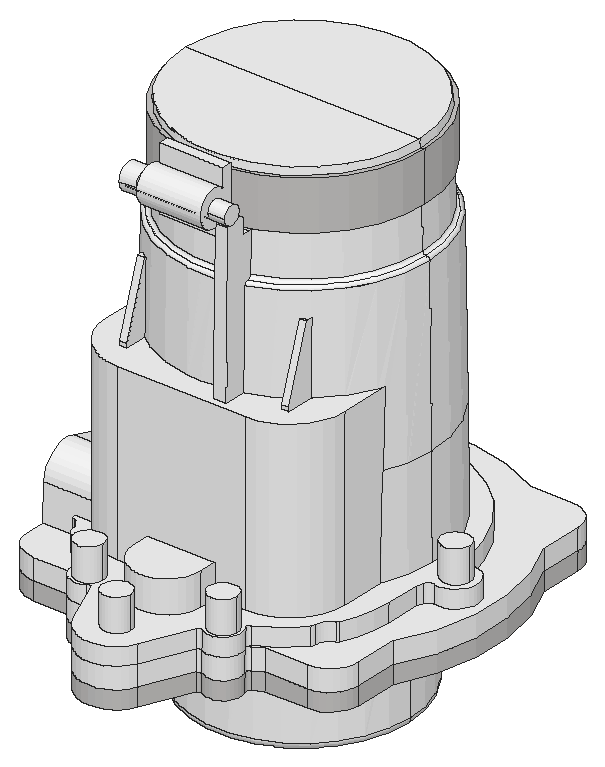
Revit family "Common_Vent-Navien-Collar_Kit-02", category Mechanical Equipment, Revit 2016
Family settings
  Part Type = Normal
  Round Connector Dimension = Use Diameter
  OmniClass Number = 23.75.70.11.14.14
  OmniClass Title = Dampers for Air Ductwork
  Work Plane-Based = Yes
  Always vertical = Yes
  Cut with Voids When Loaded = No
  Shared = No
  Room Calculation Point = No
Parameters (values of type "Common Vent Collar Kit - 3001436A")
  Width = 0' - 4 77/256"  # constant formula
  Weight = 0.00 lbf
  Version = "2016 - v1.0.a"  # constant formula
  URL = "https://www.navieninc.com"
  Product Page URL = "https://www.navieninc.com/accessories/all"
  Product Name = "Common Vent Collar Kit"  # constant formula
  Product Documentation Link = "Contact Navien for Product Documentation"
  Outlet = 0' - 2"  # constant formula
  Model = "3001436A"  # constant formula
  Material = ""
  Manufacturer Phone Number = "(949) 420-0420"  # constant formula
  Manufacturer Fax Number = "(949) 420-0430"  # constant formula
  Manufacturer Address = "20 Goodyear, Irvine, CA 92618"  # constant formula
  Manufacturer = "Navien, Inc."  # constant formula
  Keynote = ""
  Installation Type = "Duct Fitting"  # constant formula
  Inlet = 0' - 2"  # constant formula
  Height = 0' - 5 115/128"  # constant formula
  Finish = Plastic - Navien - White
  Description = "The Navien backflow damper prevents backflow (back-draft) at the\r\nexhaust vent while the water heater or boiler unit operates."  # constant formula
  Depth = 0' - 4 77/256"  # constant formula
  Default Elevation = 4' - 0"
  Copyright = "All contents copyright © Navien Inc."  # constant formula
  Constraints = 6
  Assembly Code = ""
Reference planes (in)
  plane 1 "Center (Front/Back)": y = 0
  plane 2: z = 0
  plane 3 "Center (Left/Right)": x = 0
  plane 4: z = 0
Forms (in)
  Revolve 1, solid, material "Plastic - Navien - White" <- "Finish", detail levels medium+fine
    sketch origin (0, 0, 0) x (1, 0, 0) y (0, 0, 1)
      loop
        line (0, 4.80315) -> (0, -1.10236) -> (1.12531, -1.10236)
        arc (1.12531, -1.10236) -> (1.17906, -1.08032) -> (1.20186, -1.0269) r 0.07656
        line (1.20186, -1.0269) -> (1.21653, 0) -> (1.45733, 0) -> (1.4413, 1.73234) -> (1.41495, 3.61966)
        arc (1.41495, 3.61966) -> (1.40442, 3.64591) -> (1.37901, 3.65833) r 0.03937
        arc (1.37901, 3.65833) -> (1.35038, 3.66928) -> (1.33796, 3.69731) r 0.03991
        line (1.33796, 3.69731) -> (1.32712, 4.17323) -> (1.36614, 4.17323) -> (1.36614, 4.7244) -> (1.3175, 4.7244) -> (1.30922, 4.80315) -> (0, 4.80315)
      axis (0, 4.80315) -> (0, -1.10236)
    angle from 0 to 360
  Extrusion 2, solid, material "Plastic - Navien - White" <- "Finish", detail levels medium+fine
    sketch origin (0, 0, 0) x (1, 0, 0) y (0, 1, 0)
      loop
        arc (1.72438, -0.31018) -> (2.00872, -0.08928) -> (1.74509, 0.15598) r 0.23637
        arc (1.74509, 0.15598) -> (1.68783, 0.17204) -> (1.65839, 0.22372) r 0.07824
        arc (1.65839, 0.22372) -> (1.20984, 1.1557) -> (0.29932, 1.64624) r 1.67364
        arc (0.29932, 1.64624) -> (0.25321, 1.67358) -> (0.23609, 1.72438) r 0.07707
        arc (0.23609, 1.72438) -> (0.16957, 1.8963) -> (0, 1.96858) r 0.23705
        arc (0, 1.96858) -> (-0.16957, 1.8963) -> (-0.23609, 1.72438) r 0.23705
        arc (-0.23609, 1.72438) -> (-0.25321, 1.67358) -> (-0.29932, 1.64624) r 0.07707
        arc (-0.29932, 1.64624) -> (-1.20984, 1.1557) -> (-1.65821, 0.2237) r 1.67364
        arc (-1.65821, 0.2237) -> (-1.68783, 0.17204) -> (-1.74509, 0.15598) r 0.07824
        arc (-1.74509, 0.15598) -> (-2.00872, -0.08928) -> (-1.72438, -0.31018) r 0.23637
        arc (-1.72438, -0.31018) -> (-1.66599, -0.32113) -> (-1.63224, -0.37001) r 0.078
        line (-1.63224, -0.37001) -> (-1.61417, -0.44061) -> (-1.61417, -0.81033)
        arc (-1.61417, -0.81033) -> (-1.58229, -1.08631) -> (-1.48538, -1.34667) r 1.15407
        arc (-1.48538, -1.34667) -> (-1.47581, -1.35924) -> (-1.46253, -1.36779) r 0.04566
        arc (-1.46253, -1.36779) -> (-1.38485, -1.43182) -> (-1.35513, -1.528) r 0.1755
        arc (-1.35513, -1.528) -> (-1.3516, -1.54759) -> (-1.34175, -1.5649) r 0.05901
        arc (-1.34175, -1.5649) -> (-1.15322, -1.74753) -> (-0.92817, -1.88264) r 1.14963
        arc (-0.92817, -1.88264) -> (-0.90725, -1.90689) -> (-0.91215, -1.93855) r 0.03819
        arc (-0.91215, -1.93855) -> (-0.88762, -2.18634) -> (-0.63991, -2.21174) r 0.1968
        arc (-0.63991, -2.21174) -> (-0.60759, -2.20705) -> (-0.58333, -2.22889) r 0.03845
        line (-0.58333, -2.22889) -> (-0.36304, -2.75075)
        arc (-0.36304, -2.75075) -> (-0.00044, -2.99214) -> (0.3627, -2.75155) r 0.39369
        line (0.3627, -2.75155) -> (0.58333, -2.22889)
        arc (0.58333, -2.22889) -> (0.60759, -2.20705) -> (0.63991, -2.21174) r 0.03845
        arc (0.63991, -2.21174) -> (0.88762, -2.18634) -> (0.91215, -1.93855) r 0.1968
        arc (0.91215, -1.93855) -> (0.90725, -1.90689) -> (0.92817, -1.88264) r 0.03819
        arc (0.92817, -1.88264) -> (1.15322, -1.74753) -> (1.34175, -1.5649) r 1.14963
        arc (1.34175, -1.5649) -> (1.3516, -1.54759) -> (1.35513, -1.528) r 0.05901
        arc (1.35513, -1.528) -> (1.38485, -1.43182) -> (1.46253, -1.36779) r 0.1755
        arc (1.46253, -1.36779) -> (1.47581, -1.35924) -> (1.48538, -1.34667) r 0.04566
        arc (1.48538, -1.34667) -> (1.58229, -1.08631) -> (1.61417, -0.81033) r 1.15407
        line (1.61417, -0.81033) -> (1.61417, -0.44061) -> (1.63224, -0.37001)
        arc (1.63224, -0.37001) -> (1.66599, -0.32113) -> (1.72438, -0.31018) r 0.078
    from 0.43307 to 0.62992
  Extrusion 3, solid, material "Plastic - Navien - White" <- "Finish", detail levels medium+fine
    sketch origin (0, 19.32383, 0) x (0, 1, 0) y (-1, 0, 0)
      loop
        line (-17.47774, 1.05439) -> (-17.47774, 1.53202)
        arc (-17.47774, 1.53202) -> (-17.56973, 1.75411) -> (-17.79181, 1.8461) r 0.31408
        line (-17.79181, 1.8461) -> (-18.26944, 1.8461)
        arc (-18.26944, 1.8461) -> (-19.32383, 2.12552) -> (-20.37822, 1.8461) r 2.12903
        line (-20.37822, 1.8461) -> (-20.85585, 1.8461)
        arc (-20.85585, 1.8461) -> (-21.07794, 1.75411) -> (-21.16993, 1.53202) r 0.31408
        line (-21.16993, 1.53202) -> (-21.16993, 1.05439)
        arc (-21.16993, 1.05439) -> (-21.20108, 0.99778) -> (-21.2304, 0.94041) r 2.12903
        arc (-21.2304, 0.94041) -> (-21.25246, 0.92119) -> (-21.28164, 0.92342) r 0.03788
        arc (-21.28164, 0.92342) -> (-21.51807, 0.87927) -> (-21.53521, 0.63936) r 0.1968
        arc (-21.53521, 0.63936) -> (-21.53051, 0.60755) -> (-21.552, 0.58363) r 0.0378
        line (-21.552, 0.58363) -> (-22.07643, 0.36226)
        arc (-22.07643, 0.36226) -> (-22.31673, 0) -> (-22.07643, -0.36226) r 0.39321
        line (-22.07643, -0.36226) -> (-21.552, -0.58363)
        arc (-21.552, -0.58363) -> (-21.53051, -0.60755) -> (-21.53521, -0.63936) r 0.0378
        arc (-21.53521, -0.63936) -> (-21.51807, -0.87927) -> (-21.28164, -0.92342) r 0.1968
        arc (-21.28164, -0.92342) -> (-21.25246, -0.92119) -> (-21.2304, -0.94041) r 0.03788
        arc (-21.2304, -0.94041) -> (-21.20103, -0.99786) -> (-21.16993, -1.05439) r 2.12903
        line (-21.16993, -1.05439) -> (-21.16993, -1.53202)
        arc (-21.16993, -1.53202) -> (-21.07794, -1.75411) -> (-20.85585, -1.8461) r 0.31408
        line (-20.85585, -1.8461) -> (-20.37822, -1.8461)
        arc (-20.37822, -1.8461) -> (-19.32383, -2.12552) -> (-18.26945, -1.8461) r 2.12903
        line (-18.26945, -1.8461) -> (-17.79181, -1.8461)
        arc (-17.79181, -1.8461) -> (-17.56973, -1.75411) -> (-17.47774, -1.53202) r 0.31408
        line (-17.47774, -1.53202) -> (-17.47774, -1.05439)
        arc (-17.47774, -1.05439) -> (-17.19831, 0) -> (-17.47774, 1.05439) r 2.12903
    from 0.19685 to 0.43307
  Extrusion 4, solid, material "Plastic - Navien - White" <- "Finish", detail levels medium+fine
    sketch origin (0, 0, 0) x (1, 0, 0) y (0, 1, 0)
      loop
        line (-1.33215, 0) -> (-1.33215, -1.07302)
        arc (-1.33215, -1.07302) -> (-1.1509, -1.51058) -> (-0.71334, -1.69183) r 0.61881
        line (-0.71334, -1.69183) -> (0.71334, -1.69183)
        arc (0.71334, -1.69183) -> (1.1509, -1.51058) -> (1.33215, -1.07302) r 0.61881
        line (1.33215, -1.07302) -> (1.33215, 0) -> (-1.33215, 0)
    from 0 to 2.55905
  Extrusion 5, solid, material "Plastic - Navien - White" <- "Finish", detail levels fine
    sketch origin (0, 0, 0) x (1, 0, 0) y (0, 1, 0)
      loop
        arc (-0.37402, -1.88977) -> (0, -2.26378) -> (0.37402, -1.88977) r 0.37402
        line (0.37402, -1.88977) -> (0.37402, 0) -> (-0.37402, 0) -> (-0.37402, -1.88977)
      loop
        circle (0, -2.59824) r 0.15363
      loop
        circle (0.74803, -2.04973) r 0.15363
      loop
        circle (-0.74803, -2.04973) r 0.15363
      loop
        circle (1.77139, -0.07891) r 0.15363
      loop
        circle (-1.77139, -0.07891) r 0.15363
      loop
        circle (0, 1.73177) r 0.15363
    from 0 to 0.98425
  Extrusion 6, solid, material "Metal - Navien - Carbon Steel", detail levels medium+fine
    sketch origin (0, 19.32383, 0) x (0, 1, 0) y (-1, 0, 0)
      loop
        line (-17.47774, 1.05439) -> (-17.47774, 1.53202)
        arc (-17.47774, 1.53202) -> (-17.56973, 1.75411) -> (-17.79181, 1.8461) r 0.31408
        line (-17.79181, 1.8461) -> (-18.26944, 1.8461)
        arc (-18.26944, 1.8461) -> (-19.32383, 2.12552) -> (-20.37822, 1.8461) r 2.12903
        line (-20.37822, 1.8461) -> (-20.85585, 1.8461)
        arc (-20.85585, 1.8461) -> (-21.07794, 1.75411) -> (-21.16993, 1.53202) r 0.31408
        line (-21.16993, 1.53202) -> (-21.16993, 1.05439)
        arc (-21.16993, 1.05439) -> (-21.20108, 0.99778) -> (-21.2304, 0.94041) r 2.12903
        arc (-21.2304, 0.94041) -> (-21.25246, 0.92119) -> (-21.28164, 0.92342) r 0.03788
        arc (-21.28164, 0.92342) -> (-21.51807, 0.87927) -> (-21.53521, 0.63936) r 0.1968
        arc (-21.53521, 0.63936) -> (-21.53051, 0.60755) -> (-21.552, 0.58363) r 0.0378
        line (-21.552, 0.58363) -> (-22.07643, 0.36226)
        arc (-22.07643, 0.36226) -> (-22.31673, 0) -> (-22.07643, -0.36226) r 0.39321
        line (-22.07643, -0.36226) -> (-21.552, -0.58363)
        arc (-21.552, -0.58363) -> (-21.53051, -0.60755) -> (-21.53521, -0.63936) r 0.0378
        arc (-21.53521, -0.63936) -> (-21.51807, -0.87927) -> (-21.28164, -0.92342) r 0.1968
        arc (-21.28164, -0.92342) -> (-21.25246, -0.92119) -> (-21.2304, -0.94041) r 0.03788
        arc (-21.2304, -0.94041) -> (-21.20103, -0.99786) -> (-21.16993, -1.05439) r 2.12903
        line (-21.16993, -1.05439) -> (-21.16993, -1.53202)
        arc (-21.16993, -1.53202) -> (-21.07794, -1.75411) -> (-20.85585, -1.8461) r 0.31408
        line (-20.85585, -1.8461) -> (-20.37822, -1.8461)
        arc (-20.37822, -1.8461) -> (-19.32383, -2.12552) -> (-18.26945, -1.8461) r 2.12903
        line (-18.26945, -1.8461) -> (-17.79181, -1.8461)
        arc (-17.79181, -1.8461) -> (-17.56973, -1.75411) -> (-17.47774, -1.53202) r 0.31408
        line (-17.47774, -1.53202) -> (-17.47774, -1.05439)
        arc (-17.47774, -1.05439) -> (-17.19831, 0) -> (-17.47774, 1.05439) r 2.12903
    from 0 to 0.19685
  Extrusion 7, solid, material "Plastic - Navien - White" <- "Finish", detail levels medium+fine
    sketch origin (0, 0, 0) x (0, 1, 0) y (0, 0, 1)
      loop
        line (-1.46748, 4.80315) -> (-1.46748, 4.6063)
        arc (-1.46748, 4.6063) -> (-1.78458, 4.44855) -> (-1.46748, 4.2908) r 0.19778
        line (-1.46748, 4.2908) -> (-1.46748, 4.09395) -> (-1.35541, 4.09395) -> (-1.35541, 4.80315) -> (-1.46748, 4.80315)
    from -0.42564 to 0.28416
  Extrusion 8, solid, material "Plastic - Navien - White" <- "Finish", detail levels fine
    sketch origin (0, 0, 0) x (0, 1, 0) y (0, 0, 1)
      loop
        circle (-1.59024, 4.44848) r 0.09917
    from -0.66399 to 0.47699
  Extrusion 9, solid, material "Plastic - Navien - White" <- "Finish", detail levels fine
    sketch origin (0, 0, 0) x (0, 1, 0) y (0, 0, 1)
      loop
        circle (-1.59024, 4.44848) r 0.14148
    from -0.66399 to -0.47359
  Extrusion 10, solid, material "Plastic - Navien - White" <- "Finish", detail levels fine
    sketch origin (0, 0, 0) x (0, 1, 0) y (0, 0, 1)
      loop
        line (-1.6122, 2.18811) -> (-1.08314, 2.18811) -> (-1.08314, 4.13386) -> (-1.36687, 4.13386) -> (-1.36762, 4.29183)
        arc (-1.36762, 4.29183) -> (-1.37913, 4.31933) -> (-1.40669, 4.33071) r 0.03906
        line (-1.40669, 4.33071) -> (-1.53712, 4.33071)
        arc (-1.53712, 4.33071) -> (-1.564, 4.31971) -> (-1.57546, 4.29303) r 0.03835
        line (-1.57546, 4.29303) -> (-1.6122, 2.18811)
    from 0.28416 to 0.42462
  Extrusion 11, solid, material "Plastic - Navien - White" <- "Finish", detail levels fine
    sketch origin (0, 0, 0) x (0, 1, 0) y (0, 0, 1)
      loop
        line (-0.89377, 3.34646) -> (-1.12205, 3.34646) -> (-1.37795, 2.59843) -> (-1.37795, 2.36606) -> (-0.89377, 2.36606) -> (-0.89377, 3.34646)
    from 0.8675 to 0.94419
  Extrusion 12, solid, material "Plastic - Navien - White" <- "Finish", detail levels fine
    sketch origin (0, 0, 0) x (0, 1, 0) y (0, 0, -1)
      loop
        line (-0.89377, -3.34646) -> (-0.89377, -2.36606) -> (-1.37795, -2.36606) -> (-1.37795, -2.59843) -> (-1.12205, -3.34646) -> (-0.89377, -3.34646)
    from 0.8675 to 0.94419
  Extrusion 13, solid, material "Plastic - Navien - White" <- "Finish", detail levels medium+fine
    sketch origin (0, 0, 0) x (0, 1, 0) y (0, 0, 1)
      loop
        arc (-0.88987, 1.12723) -> (-1.166, 1.08368) -> (-1.29865, 0.83762) r 0.31485
        line (-1.29865, 0.83762) -> (-1.3126, 0.43307) -> (-1.23447, 0.43307) -> (-1.23072, 0.54171)
        arc (-1.23072, 0.54171) -> (-1.20887, 0.5754) -> (-1.16887, 0.57192) r 0.03898
        arc (-1.16887, 0.57192) -> (-1.03478, 0.51604) -> (-0.88987, 0.52632) r 0.31485
        line (-0.88987, 0.52632) -> (-0.50558, 0.6467) -> (-0.49812, 0.43307) -> (-0.1762, 0.43307) -> (-0.1762, 0.62992) -> (-0.4262, 0.62992) -> (-0.42915, 0.71425)
        arc (-0.42915, 0.71425) -> (-0.40466, 0.89088) -> (-0.53244, 1.01526) r 0.19752
        line (-0.53244, 1.01526) -> (-0.88987, 1.12723)
    from -1.85039 to 0
  Revolve 14, solid, material "Plastic - Navien - White" <- "Finish", detail levels coarse
    sketch origin (0, 0, 0) x (1, 0, 0) y (0, 0, 1)
      loop
        line (0, 4.80315) -> (0, -1.10236) -> (1.20079, -1.10236) -> (1.21653, 0) -> (1.45733, 0) -> (1.4413, 1.73234) -> (1.39842, 4.80315) -> (0, 4.80315)
      axis (0, 4.80315) -> (0, -1.10236)
    angle from 0 to 360
  Extrusion 15, solid, material "Plastic - Navien - White" <- "Finish", detail levels coarse
    sketch origin (0, 19.32383, 0) x (0, 1, 0) y (-1, 0, 0)
      loop
        line (-17.47774, 1.05439) -> (-17.47774, 1.53202)
        arc (-17.47774, 1.53202) -> (-17.56973, 1.75411) -> (-17.79181, 1.8461) r 0.31408
        line (-17.79181, 1.8461) -> (-18.26944, 1.8461)
        arc (-18.26944, 1.8461) -> (-19.32383, 2.12552) -> (-20.37822, 1.8461) r 2.12903
        line (-20.37822, 1.8461) -> (-20.85585, 1.8461)
        arc (-20.85585, 1.8461) -> (-21.07794, 1.75411) -> (-21.16993, 1.53202) r 0.31408
        line (-21.16993, 1.53202) -> (-21.16993, 1.05439)
        arc (-21.16993, 1.05439) -> (-21.20108, 0.99778) -> (-21.2304, 0.94041) r 2.12903
        arc (-21.2304, 0.94041) -> (-21.25246, 0.92119) -> (-21.28164, 0.92342) r 0.03788
        arc (-21.28164, 0.92342) -> (-21.51807, 0.87927) -> (-21.53521, 0.63936) r 0.1968
        arc (-21.53521, 0.63936) -> (-21.53051, 0.60755) -> (-21.552, 0.58363) r 0.0378
        line (-21.552, 0.58363) -> (-22.07643, 0.36226)
        arc (-22.07643, 0.36226) -> (-22.31673, 0) -> (-22.07643, -0.36226) r 0.39321
        line (-22.07643, -0.36226) -> (-21.552, -0.58363)
        arc (-21.552, -0.58363) -> (-21.53051, -0.60755) -> (-21.53521, -0.63936) r 0.0378
        arc (-21.53521, -0.63936) -> (-21.51807, -0.87927) -> (-21.28164, -0.92342) r 0.1968
        arc (-21.28164, -0.92342) -> (-21.25246, -0.92119) -> (-21.2304, -0.94041) r 0.03788
        arc (-21.2304, -0.94041) -> (-21.20103, -0.99786) -> (-21.16993, -1.05439) r 2.12903
        line (-21.16993, -1.05439) -> (-21.16993, -1.53202)
        arc (-21.16993, -1.53202) -> (-21.07794, -1.75411) -> (-20.85585, -1.8461) r 0.31408
        line (-20.85585, -1.8461) -> (-20.37822, -1.8461)
        arc (-20.37822, -1.8461) -> (-19.32383, -2.12552) -> (-18.26945, -1.8461) r 2.12903
        line (-18.26945, -1.8461) -> (-17.79181, -1.8461)
        arc (-17.79181, -1.8461) -> (-17.56973, -1.75411) -> (-17.47774, -1.53202) r 0.31408
        line (-17.47774, -1.53202) -> (-17.47774, -1.05439)
        arc (-17.47774, -1.05439) -> (-17.19831, 0) -> (-17.47774, 1.05439) r 2.12903
    from 0 to 0.62992
Cuts and joins
  joined: Revolve 1, Extrusion 4
  joined: Extrusion 2, Extrusion 13
Lines and regions (in)
  Split face 1
    outline origin (0, 0, 4.80315) x (1, 0, 0) y (0, 1, 0)
      loop
        arc (1.12015, 0) -> (0, 1.12015) -> (-1.12015, 0) r 1.12015
  Split face 2
    outline origin (0, 0, 4.80315) x (1, 0, 0) y (0, 1, 0)
      loop
        arc (-1.12015, 0) -> (0, -1.12015) -> (1.12015, 0) r 1.12015
Dimensions and locks (in)
  locked: Revolve 1 sketch curve to plane 3 "Center (Left/Right)" at 1.30922  (x4)
  locked: Revolve 1 sketch curve to plane 3 "Center (Left/Right)" at 1.3175  (x4)
  locked: Revolve 1 sketch curve to plane 3 "Center (Left/Right)" at 1.36614  (x10)
  locked: Revolve 1 sketch curve to plane 3 "Center (Left/Right)" at 1.32712  (x4)
  locked: Revolve 1 sketch curve to plane 3 "Center (Left/Right)" at 1.33796  (x4)
  locked: Revolve 1 sketch curve to plane 3 "Center (Left/Right)" at 1.37901  (x4)
  locked: Revolve 1 sketch curve to plane 3 "Center (Left/Right)" at 1.41495  (x4)
  locked: Revolve 1 sketch curve to plane 3 "Center (Left/Right)" at 1.4413  (x4)
  locked: Revolve 1 sketch curve to plane 3 "Center (Left/Right)" at 1.45733  (x4)
  locked: Revolve 1 sketch curve to plane 3 "Center (Left/Right)" at 1.21653  (x4)
  locked: Revolve 1 sketch curve to plane 3 "Center (Left/Right)" at 1.20186  (x4)
  locked: Revolve 1 sketch curve to plane 3 "Center (Left/Right)" at 1.12531  (x4)
  locked: Revolve 1 sketch curve to plane 3 "Center (Left/Right)" at 1.33795
  locked: Revolve 1 sketch curve to plane 3 "Center (Left/Right)" at 1.33621
  locked: Revolve 1 sketch curve to plane 3 "Center (Left/Right)" at 1.04876
  locked: Revolve 1 sketch curve to level at 4.80315  (x10)
  locked: Revolve 1 sketch curve to level at 4.7244  (x10)
  locked: Revolve 1 sketch curve to level at 4.17323  (x10)
  locked: Revolve 1 sketch curve to level at 3.69731  (x4)
  locked: Revolve 1 sketch curve to level at 3.65833  (x4)
  locked: Revolve 1 sketch curve to level at 3.65832
  locked: Revolve 1 sketch curve to level at 3.61966  (x4)
  locked: Revolve 1 sketch curve to level at 3.57974
  locked: Revolve 1 sketch curve to level at 1.73234  (x4)
  locked: Revolve 1 sketch curve to level at 1.0269  (x4)
  locked: Revolve 1 sketch curve to level at 1.10236  (x10)
  locked: Revolve 1 sketch curve to level at 0.94924
  locked: Revolve 1 sketch curve to level at 5.93307  (x2)
  locked: Revolve 1 sketch curve to level at 9.81693  (x2)
  locked: Extrusion 2 sketch curve to plane 3 "Center (Left/Right)" at 1.74509  (x8)
  locked: Extrusion 2 sketch curve to plane 3 "Center (Left/Right)" at 1.65839  (x4)
  locked: Extrusion 2 sketch curve to plane 3 "Center (Left/Right)" at 1.65776  (x2)
  locked: Extrusion 2 sketch curve to plane 3 "Center (Left/Right)" at 1.65821  (x4)
  locked: Extrusion 2 sketch curve to plane 3 "Center (Left/Right)" at 0.29932  (x8)
  locked: plane 3 "Center (Left/Right)" to Extrusion 2 sketch curve at 1.67327  (x2)
  locked: Extrusion 2 sketch curve to plane 3 "Center (Left/Right)" at 0.23609  (x8)
  locked: Extrusion 2 sketch curve to plane 3 "Center (Left/Right)" at 0.23606  (x2)
  locked: plane 3 "Center (Left/Right)" to Extrusion 2 sketch curve at 0.2362  (x2)
  locked: Extrusion 2 sketch curve to plane 3 "Center (Left/Right)" at 1.72438  (x8)
  locked: Extrusion 2 sketch curve to plane 3 "Center (Left/Right)" at 1.53621  (x2)
  locked: Extrusion 2 sketch curve to plane 3 "Center (Left/Right)" at 1.63224  (x8)
  locked: Extrusion 2 sketch curve to plane 3 "Center (Left/Right)" at 1.63047  (x2)
  locked: Extrusion 2 sketch curve to plane 3 "Center (Left/Right)" at 1.61417  (x20)
  locked: Extrusion 2 sketch curve to plane 3 "Center (Left/Right)" at 1.48538  (x8)
  locked: plane 3 "Center (Left/Right)" to Extrusion 2 sketch curve at 0.69395  (x2)
  locked: Extrusion 2 sketch curve to plane 3 "Center (Left/Right)" at 1.46253  (x8)
  locked: Extrusion 2 sketch curve to plane 3 "Center (Left/Right)" at 1.39915  (x2)
  locked: Extrusion 2 sketch curve to plane 3 "Center (Left/Right)" at 1.35513  (x10)
  locked: Extrusion 2 sketch curve to plane 3 "Center (Left/Right)" at 1.34175  (x8)
  locked: Extrusion 2 sketch curve to plane 3 "Center (Left/Right)" at 1.23712  (x2)
  locked: Extrusion 2 sketch curve to plane 3 "Center (Left/Right)" at 0.92817  (x8)
  locked: plane 3 "Center (Left/Right)" to Extrusion 2 sketch curve at 0.6968  (x2)
  locked: Extrusion 2 sketch curve to plane 3 "Center (Left/Right)" at 0.91215  (x8)
  locked: Extrusion 2 sketch curve to plane 3 "Center (Left/Right)" at 0.90577  (x2)
  locked: Extrusion 2 sketch curve to plane 3 "Center (Left/Right)" at 0.63991  (x8)
  locked: Extrusion 2 sketch curve to plane 3 "Center (Left/Right)" at 0.55142  (x2)
  locked: Extrusion 2 sketch curve to plane 3 "Center (Left/Right)" at 0.58333  (x8)
  locked: Extrusion 2 sketch curve to plane 3 "Center (Left/Right)" at 0.5803  (x2)
  locked: Extrusion 2 sketch curve to plane 3 "Center (Left/Right)" at 0.36304  (x4)
  locked: Extrusion 2 sketch curve to plane 3 "Center (Left/Right)" at 0.3627  (x4)
  locked: plane 3 "Center (Left/Right)" to Extrusion 2 sketch curve at 0.39369
  locked: Extrusion 2 sketch curve to plane 1 "Center (Front/Back)" at 0.15598  (x8)
  locked: Extrusion 2 sketch curve to plane 1 "Center (Front/Back)" at 0.22372  (x4)
  locked: Extrusion 2 sketch curve to plane 1 "Center (Front/Back)" at 0.15545  (x2)
  locked: Extrusion 2 sketch curve to plane 1 "Center (Front/Back)" at 0.2237  (x4)
  locked: Extrusion 2 sketch curve to plane 1 "Center (Front/Back)" at 1.64624  (x8)
  locked: Extrusion 2 sketch curve to plane 1 "Center (Front/Back)" at 1.72438  (x8)
  locked: Extrusion 2 sketch curve to plane 1 "Center (Front/Back)" at 1.64499  (x2)
  locked: Extrusion 2 sketch curve to plane 1 "Center (Front/Back)" at 1.96858  (x4)
  locked: Extrusion 2 sketch curve to plane 1 "Center (Front/Back)" at 1.49448  (x2)
  locked: Extrusion 2 sketch curve to plane 1 "Center (Front/Back)" at 0.31018  (x8)
  locked: plane 1 "Center (Front/Back)" to Extrusion 2 sketch curve at 0.15759  (x2)
  locked: Extrusion 2 sketch curve to plane 1 "Center (Front/Back)" at 0.37001  (x8)
  locked: Extrusion 2 sketch curve to plane 1 "Center (Front/Back)" at 0.30854  (x2)
  locked: Extrusion 2 sketch curve to plane 1 "Center (Front/Back)" at 0.44061  (x8)
  locked: Extrusion 2 sketch curve to plane 1 "Center (Front/Back)" at 0.81033  (x8)
  locked: Extrusion 2 sketch curve to plane 1 "Center (Front/Back)" at 1.34667  (x8)
  locked: plane 1 "Center (Front/Back)" to Extrusion 2 sketch curve at 0.33723  (x2)
  locked: Extrusion 2 sketch curve to plane 1 "Center (Front/Back)" at 1.36779  (x8)
  locked: Extrusion 2 sketch curve to plane 1 "Center (Front/Back)" at 1.28004  (x2)
  locked: Extrusion 2 sketch curve to plane 1 "Center (Front/Back)" at 1.528  (x8)
  locked: Extrusion 2 sketch curve to plane 1 "Center (Front/Back)" at 1.35405  (x2)
  locked: Extrusion 2 sketch curve to plane 1 "Center (Front/Back)" at 1.5649  (x8)
  locked: Extrusion 2 sketch curve to plane 1 "Center (Front/Back)" at 1.46847  (x2)
  locked: Extrusion 2 sketch curve to plane 1 "Center (Front/Back)" at 1.88264  (x8)
  locked: plane 1 "Center (Front/Back)" to Extrusion 2 sketch curve at 0.31374  (x2)
  locked: Extrusion 2 sketch curve to plane 1 "Center (Front/Back)" at 1.93855  (x8)
  locked: Extrusion 2 sketch curve to plane 1 "Center (Front/Back)" at 1.87922  (x2)
  locked: Extrusion 2 sketch curve to plane 1 "Center (Front/Back)" at 2.21174  (x8)
  locked: Extrusion 2 sketch curve to plane 1 "Center (Front/Back)" at 1.85063  (x2)
  locked: Extrusion 2 sketch curve to plane 1 "Center (Front/Back)" at 2.22889  (x8)
  locked: Extrusion 2 sketch curve to plane 1 "Center (Front/Back)" at 2.20539  (x2)
  locked: Extrusion 2 sketch curve to plane 1 "Center (Front/Back)" at 2.75075  (x4)
  locked: Extrusion 2 sketch curve to plane 1 "Center (Front/Back)" at 2.75155  (x4)
  locked: Extrusion 2 sketch curve to plane 1 "Center (Front/Back)" at 2.20476
  locked: Extrusion 3 to plane 3 "Center (Left/Right)" at 1.8461  (x8)
  locked: Extrusion 3 sketch curve to plane 3 "Center (Left/Right)" at 1.05439  (x16)
  locked: Extrusion 3 sketch curve to plane 3 "Center (Left/Right)" at 1.53202  (x16)
  locked: Extrusion 3 sketch curve to plane 3 "Center (Left/Right)" at 1.8461  (x40)
  locked: Extrusion 3 sketch curve to plane 3 "Center (Left/Right)" at 1.21794  (x4)
  locked: Extrusion 3 sketch curve to plane 3 "Center (Left/Right)" at 0.94041  (x6)
  locked: plane 3 "Center (Left/Right)" to Extrusion 3 sketch curve at 2.12903  (x3)
  locked: Extrusion 3 sketch curve to plane 3 "Center (Left/Right)" at 0.92342  (x8)
  locked: Extrusion 3 sketch curve to plane 3 "Center (Left/Right)" at 0.91926  (x2)
  locked: Extrusion 3 sketch curve to plane 3 "Center (Left/Right)" at 0.63936  (x8)
  locked: Extrusion 3 sketch curve to plane 3 "Center (Left/Right)" at 0.55142  (x2)
  locked: Extrusion 3 sketch curve to plane 3 "Center (Left/Right)" at 0.58363  (x8)
  locked: Extrusion 3 sketch curve to plane 3 "Center (Left/Right)" at 0.58065  (x2)
  locked: Extrusion 3 sketch curve to plane 3 "Center (Left/Right)" at 0.36226  (x8)
  locked: plane 3 "Center (Left/Right)" to Extrusion 3 sketch curve at 0.39321
  locked: Extrusion 3 sketch curve to plane 3 "Center (Left/Right)" at 0.94024  (x2)
  locked: Extrusion 3 to plane 1 "Center (Front/Back)" at 1.8461  (x8)
  locked: Extrusion 3 sketch curve to plane 1 "Center (Front/Back)" at 1.8461  (x40)
  locked: Extrusion 3 sketch curve to plane 1 "Center (Front/Back)" at 1.53202  (x16)
  locked: Extrusion 3 sketch curve to plane 1 "Center (Front/Back)" at 1.21794  (x4)
  locked: Extrusion 3 sketch curve to plane 1 "Center (Front/Back)" at 1.05439  (x16)
  locked: plane 1 "Center (Front/Back)" to Extrusion 3 sketch curve at 2.12903  (x2)
  locked: Extrusion 3 sketch curve to plane 1 "Center (Front/Back)" at 1.90657  (x6)
  locked: Extrusion 3 sketch curve to plane 1 "Center (Front/Back)" at 1.9578  (x8)
  locked: Extrusion 3 sketch curve to plane 1 "Center (Front/Back)" at 1.90268  (x2)
  locked: Extrusion 3 sketch curve to plane 1 "Center (Front/Back)" at 2.21138  (x8)
  locked: Extrusion 3 sketch curve to plane 1 "Center (Front/Back)" at 1.85063  (x2)
  locked: Extrusion 3 sketch curve to plane 1 "Center (Front/Back)" at 2.22817  (x8)
  locked: Extrusion 3 sketch curve to plane 1 "Center (Front/Back)" at 2.20507  (x2)
  locked: Extrusion 3 sketch curve to plane 1 "Center (Front/Back)" at 2.7526  (x8)
  locked: Extrusion 3 sketch curve to plane 1 "Center (Front/Back)" at 2.20647
  locked: Extrusion 3 sketch curve to plane 1 "Center (Front/Back)" at 1.90665  (x2)
  locked: Extrusion 3 to level at 0.43307  (x2)
  locked: Extrusion 3 to level at 0.19685  (x2)
  locked: Extrusion 4 sketch curve to plane 3 "Center (Left/Right)" at 0.71334  (x8)
  locked: Extrusion 4 sketch curve to plane 3 "Center (Left/Right)" at 1.33215  (x20)
  locked: Extrusion 4 sketch curve to plane 3 "Center (Left/Right)" at 0.09452  (x2)
  locked: Extrusion 4 sketch curve to plane 1 "Center (Front/Back)" at 1.69183  (x10)
  locked: Extrusion 4 sketch curve to plane 1 "Center (Front/Back)" at 1.07302  (x8)
  locked: Extrusion 4 sketch curve to plane 1 "Center (Front/Back)" at 0.4542  (x2)
  locked: Extrusion 5 to plane 3 "Center (Left/Right)" at 0.37402  (x4)
  locked: Extrusion 5 sketch curve to plane 3 "Center (Left/Right)" at 0.37402  (x20)
  locked: plane 3 "Center (Left/Right)" to Extrusion 5 sketch curve at 0.37402
  locked: plane 3 "Center (Left/Right)" to Extrusion 5 sketch curve at 0.15363  (x4)
  locked: Extrusion 5 sketch curve to plane 3 "Center (Left/Right)" at 0.5944  (x4)
  locked: Extrusion 5 sketch curve to plane 3 "Center (Left/Right)" at 1.61776  (x4)
  locked: Extrusion 5 sketch curve to plane 1 "Center (Front/Back)" at 1.88977  (x8)
  locked: Extrusion 5 sketch curve to plane 1 "Center (Front/Back)" at 1.51575
  locked: Extrusion 5 sketch curve to plane 1 "Center (Front/Back)" at 2.44461  (x2)
  locked: Extrusion 5 sketch curve to plane 1 "Center (Front/Back)" at 1.8961  (x4)
  locked: plane 1 "Center (Front/Back)" to Extrusion 5 sketch curve at 0.07472  (x4)
  locked: Extrusion 5 sketch curve to plane 1 "Center (Front/Back)" at 1.57814  (x2)
  locked: Extrusion 5 to level at 0.98425  (x2)
  locked: Extrusion 6 to plane 3 "Center (Left/Right)" at 1.8461  (x8)
  locked: Extrusion 6 sketch curve to plane 3 "Center (Left/Right)" at 1.05439  (x16)
  locked: Extrusion 6 sketch curve to plane 3 "Center (Left/Right)" at 1.53202  (x16)
  locked: Extrusion 6 sketch curve to plane 3 "Center (Left/Right)" at 1.8461  (x40)
  locked: Extrusion 6 sketch curve to plane 3 "Center (Left/Right)" at 1.21794  (x4)
  locked: Extrusion 6 sketch curve to plane 3 "Center (Left/Right)" at 0.94041  (x6)
  locked: plane 3 "Center (Left/Right)" to Extrusion 6 sketch curve at 2.12903  (x3)
  locked: Extrusion 6 sketch curve to plane 3 "Center (Left/Right)" at 0.92342  (x8)
  locked: Extrusion 6 sketch curve to plane 3 "Center (Left/Right)" at 0.91926  (x2)
  locked: Extrusion 6 sketch curve to plane 3 "Center (Left/Right)" at 0.63936  (x8)
  locked: Extrusion 6 sketch curve to plane 3 "Center (Left/Right)" at 0.55142  (x2)
  locked: Extrusion 6 sketch curve to plane 3 "Center (Left/Right)" at 0.58363  (x8)
  locked: Extrusion 6 sketch curve to plane 3 "Center (Left/Right)" at 0.58065  (x2)
  locked: Extrusion 6 sketch curve to plane 3 "Center (Left/Right)" at 0.36226  (x8)
  locked: plane 3 "Center (Left/Right)" to Extrusion 6 sketch curve at 0.39321
  locked: Extrusion 6 sketch curve to plane 3 "Center (Left/Right)" at 0.94024  (x2)
  locked: Extrusion 6 to plane 1 "Center (Front/Back)" at 1.8461  (x8)
  locked: Extrusion 6 sketch curve to plane 1 "Center (Front/Back)" at 1.8461  (x40)
  locked: Extrusion 6 sketch curve to plane 1 "Center (Front/Back)" at 1.53202  (x16)
  locked: Extrusion 6 sketch curve to plane 1 "Center (Front/Back)" at 1.21794  (x4)
  locked: Extrusion 6 sketch curve to plane 1 "Center (Front/Back)" at 1.05439  (x16)
  locked: plane 1 "Center (Front/Back)" to Extrusion 6 sketch curve at 2.12903  (x2)
  locked: Extrusion 6 sketch curve to plane 1 "Center (Front/Back)" at 1.90657  (x6)
  locked: Extrusion 6 sketch curve to plane 1 "Center (Front/Back)" at 1.9578  (x8)
  locked: Extrusion 6 sketch curve to plane 1 "Center (Front/Back)" at 1.90268  (x2)
  locked: Extrusion 6 sketch curve to plane 1 "Center (Front/Back)" at 2.21138  (x8)
  locked: Extrusion 6 sketch curve to plane 1 "Center (Front/Back)" at 1.85063  (x2)
  locked: Extrusion 6 sketch curve to plane 1 "Center (Front/Back)" at 2.22817  (x8)
  locked: Extrusion 6 sketch curve to plane 1 "Center (Front/Back)" at 2.20507  (x2)
  locked: Extrusion 6 sketch curve to plane 1 "Center (Front/Back)" at 2.7526  (x8)
  locked: Extrusion 6 sketch curve to plane 1 "Center (Front/Back)" at 2.20647
  locked: Extrusion 6 sketch curve to plane 1 "Center (Front/Back)" at 1.90665  (x2)
  locked: Extrusion 6 to level at 0.19685  (x2)
  locked: Extrusion 7 to plane 3 "Center (Left/Right)" at 0.28416  (x2)
  locked: Extrusion 7 to plane 3 "Center (Left/Right)" at 0.42564  (x2)
  locked: Extrusion 7 to plane 1 "Center (Front/Back)" at 1.46748  (x4)
  locked: Extrusion 7 to plane 1 "Center (Front/Back)" at 1.35541  (x2)
  locked: Extrusion 7 sketch curve to plane 1 "Center (Front/Back)" at 1.46748  (x20)
  locked: Extrusion 7 sketch curve to plane 1 "Center (Front/Back)" at 1.35541  (x10)
  locked: Extrusion 7 to level at 4.09395  (x2)
  locked: Extrusion 7 to level at 4.80315  (x2)
  locked: Extrusion 7 sketch curve to level at 4.6063  (x4)
  locked: Extrusion 7 sketch curve to level at 4.2908  (x4)
  locked: Extrusion 7 sketch curve to level at 4.09395  (x10)
  locked: Extrusion 7 sketch curve to level at 4.80315  (x10)
  locked: Extrusion 7 sketch curve to plane 1 "Center (Front/Back)" at 1.38901
  locked: Extrusion 7 sketch curve to level at 4.25077
  locked: Extrusion 8 to plane 3 "Center (Left/Right)" at 0.47699  (x2)
  locked: Extrusion 8 to plane 3 "Center (Left/Right)" at 0.66399  (x2)
  locked: Extrusion 8 sketch curve to plane 1 "Center (Front/Back)" at 1.49107  (x2)
  locked: Extrusion 8 sketch curve to level at 4.34931  (x2)
  locked: Extrusion 9 to plane 3 "Center (Left/Right)" at 0.47359  (x2)
  locked: Extrusion 9 to plane 3 "Center (Left/Right)" at 0.66399  (x2)
  locked: Extrusion 9 sketch curve to plane 1 "Center (Front/Back)" at 1.44876  (x2)
  locked: Extrusion 9 sketch curve to level at 4.307  (x2)
  locked: Extrusion 10 to plane 3 "Center (Left/Right)" at 0.42462  (x2)
  locked: Extrusion 10 to plane 3 "Center (Left/Right)" at 0.28416  (x2)
  locked: Extrusion 10 to plane 1 "Center (Front/Back)" at 1.08314  (x2)
  locked: Extrusion 10 sketch curve to plane 1 "Center (Front/Back)" at 1.53712  (x4)
  locked: Extrusion 10 sketch curve to plane 1 "Center (Front/Back)" at 1.57546  (x4)
  locked: Extrusion 10 sketch curve to plane 1 "Center (Front/Back)" at 1.40669  (x4)
  locked: Extrusion 10 sketch curve to plane 1 "Center (Front/Back)" at 1.36762  (x5)
  locked: Extrusion 10 sketch curve to plane 1 "Center (Front/Back)" at 1.36687  (x4)
  locked: Extrusion 10 sketch curve to plane 1 "Center (Front/Back)" at 1.08314  (x10)
  locked: Extrusion 10 sketch curve to plane 1 "Center (Front/Back)" at 1.6122  (x4)
  locked: Extrusion 10 to level at 2.18811  (x2)
  locked: Extrusion 10 to level at 4.13386  (x2)
  locked: Extrusion 10 to level at 4.33071  (x2)
  locked: Extrusion 10 sketch curve to level at 4.33071  (x10)
  locked: Extrusion 10 sketch curve to level at 4.29303  (x4)
  locked: Extrusion 10 sketch curve to level at 4.29183  (x4)
  locked: Extrusion 10 sketch curve to level at 4.13386  (x10)
  locked: Extrusion 10 sketch curve to level at 2.18811  (x10)
  locked: Extrusion 10 sketch curve to plane 1 "Center (Front/Back)" at 1.49877
  locked: Extrusion 10 sketch curve to level at 4.25402
  locked: Extrusion 10 sketch curve to level at 4.25258
  locked: Extrusion 11 to plane 3 "Center (Left/Right)" at 0.94419  (x2)
  locked: Extrusion 11 to plane 3 "Center (Left/Right)" at 0.8675  (x2)
  locked: Extrusion 11 to plane 1 "Center (Front/Back)" at 1.37795  (x2)
  locked: Extrusion 11 to plane 1 "Center (Front/Back)" at 0.89377  (x2)
  locked: Extrusion 11 sketch curve to plane 1 "Center (Front/Back)" at 1.12205  (x4)
  locked: Extrusion 11 sketch curve to plane 1 "Center (Front/Back)" at 1.37795  (x10)
  locked: Extrusion 11 sketch curve to plane 1 "Center (Front/Back)" at 0.89377  (x10)
  locked: Extrusion 11 to level at 2.36606  (x2)
  locked: Extrusion 11 to level at 3.34646  (x2)
  locked: Extrusion 11 sketch curve to level at 3.34646  (x10)
  locked: Extrusion 11 sketch curve to level at 2.59843  (x4)
  locked: Extrusion 11 sketch curve to level at 2.36606  (x10)
  locked: Extrusion 12 to plane 3 "Center (Left/Right)" at 0.94419  (x2)
  locked: Extrusion 12 to plane 3 "Center (Left/Right)" at 0.8675  (x2)
  locked: Extrusion 12 to plane 1 "Center (Front/Back)" at 1.37795  (x2)
  locked: Extrusion 12 to plane 1 "Center (Front/Back)" at 0.89377  (x2)
  locked: Extrusion 12 sketch curve to plane 1 "Center (Front/Back)" at 1.12205  (x4)
  locked: Extrusion 12 sketch curve to plane 1 "Center (Front/Back)" at 1.37795  (x10)
  locked: Extrusion 12 sketch curve to plane 1 "Center (Front/Back)" at 0.89377  (x10)
  locked: Extrusion 12 to level at 2.36606  (x2)
  locked: Extrusion 12 to level at 3.34646  (x2)
  locked: Extrusion 12 sketch curve to level at 3.34646  (x10)
  locked: Extrusion 12 sketch curve to level at 2.59843  (x4)
  locked: Extrusion 12 sketch curve to level at 2.36606  (x10)
  locked: Extrusion 13 sketch curve to plane 1 "Center (Front/Back)" at 1.29865  (x4)
  locked: Extrusion 13 sketch curve to plane 1 "Center (Front/Back)" at 1.3126  (x4)
  locked: Extrusion 13 sketch curve to plane 1 "Center (Front/Back)" at 1.23447  (x4)
  locked: Extrusion 13 sketch curve to plane 1 "Center (Front/Back)" at 1.23072  (x4)
  locked: Extrusion 13 sketch curve to plane 1 "Center (Front/Back)" at 1.16887  (x4)
  locked: Extrusion 13 sketch curve to plane 1 "Center (Front/Back)" at 0.88987  (x8)
  locked: Extrusion 13 sketch curve to plane 1 "Center (Front/Back)" at 0.50558  (x4)
  locked: Extrusion 13 sketch curve to plane 1 "Center (Front/Back)" at 0.49812  (x4)
  locked: Extrusion 13 sketch curve to plane 1 "Center (Front/Back)" at 0.1762  (x10)
  locked: Extrusion 13 sketch curve to plane 1 "Center (Front/Back)" at 0.4262  (x4)
  locked: Extrusion 13 sketch curve to plane 1 "Center (Front/Back)" at 0.42915  (x4)
  locked: Extrusion 13 sketch curve to plane 1 "Center (Front/Back)" at 0.53244  (x4)
  locked: Extrusion 13 sketch curve to level at 0.83762  (x4)
  locked: Extrusion 13 sketch curve to level at 0.43307  (x20)
  locked: Extrusion 13 sketch curve to level at 0.54171  (x4)
  locked: Extrusion 13 sketch curve to level at 0.57192  (x4)
  locked: Extrusion 13 sketch curve to level at 0.52632  (x4)
  locked: Extrusion 13 sketch curve to level at 0.6467  (x4)
  locked: Extrusion 13 sketch curve to level at 0.62992  (x10)
  locked: Extrusion 13 sketch curve to level at 0.71425  (x4)
  locked: Extrusion 13 sketch curve to level at 1.01526  (x4)
  locked: Extrusion 13 sketch curve to level at 1.12723  (x4)
  locked: Extrusion 13 sketch curve to plane 1 "Center (Front/Back)" at 1.15278
  locked: Extrusion 13 sketch curve to plane 1 "Center (Front/Back)" at 0.66914  (x2)
  locked: Extrusion 13 sketch curve to plane 1 "Center (Front/Back)" at 0.39397
  locked: Extrusion 13 sketch curve to level at 0.50139
  locked: Extrusion 13 sketch curve to level at 0.51192  (x2)
  locked: Extrusion 13 sketch curve to level at 0.62925
  locked: Revolve 14 sketch curve to plane 3 "Center (Left/Right)" at 1.39842  (x4)
  locked: Revolve 14 sketch curve to plane 3 "Center (Left/Right)" at 1.4413  (x4)
  locked: Revolve 14 sketch curve to plane 3 "Center (Left/Right)" at 1.45733  (x4)
  locked: Revolve 14 sketch curve to plane 3 "Center (Left/Right)" at 1.21653  (x4)
  locked: Revolve 14 sketch curve to plane 3 "Center (Left/Right)" at 1.20079  (x4)
  locked: Revolve 14 to level at 4.80315  (x4)
  locked: Revolve 14 to level at 1.10236  (x4)
  locked: Revolve 14 sketch curve to level at 4.80315  (x10)
  locked: Revolve 14 sketch curve to level at 1.73234  (x4)
  locked: Revolve 14 sketch curve to level at 1.10236  (x10)
  locked: Revolve 14 sketch curve to level at 5.93307  (x2)
  locked: Revolve 14 sketch curve to level at 9.81693  (x2)
  locked: Extrusion 15 to plane 3 "Center (Left/Right)" at 1.8461  (x8)
  locked: Extrusion 15 sketch curve to plane 3 "Center (Left/Right)" at 1.05439  (x16)
  locked: Extrusion 15 sketch curve to plane 3 "Center (Left/Right)" at 1.53202  (x16)
  locked: Extrusion 15 sketch curve to plane 3 "Center (Left/Right)" at 1.8461  (x40)
  locked: Extrusion 15 sketch curve to plane 3 "Center (Left/Right)" at 1.21794  (x4)
  locked: Extrusion 15 sketch curve to plane 3 "Center (Left/Right)" at 0.94041  (x6)
  locked: plane 3 "Center (Left/Right)" to Extrusion 15 sketch curve at 2.12903  (x3)
  locked: Extrusion 15 sketch curve to plane 3 "Center (Left/Right)" at 0.92342  (x8)
  locked: Extrusion 15 sketch curve to plane 3 "Center (Left/Right)" at 0.91926  (x2)
  locked: Extrusion 15 sketch curve to plane 3 "Center (Left/Right)" at 0.63936  (x8)
  locked: Extrusion 15 sketch curve to plane 3 "Center (Left/Right)" at 0.55142  (x2)
  locked: Extrusion 15 sketch curve to plane 3 "Center (Left/Right)" at 0.58363  (x8)
  locked: Extrusion 15 sketch curve to plane 3 "Center (Left/Right)" at 0.58065  (x2)
  locked: Extrusion 15 sketch curve to plane 3 "Center (Left/Right)" at 0.36226  (x8)
  locked: plane 3 "Center (Left/Right)" to Extrusion 15 sketch curve at 0.39321
  locked: Extrusion 15 sketch curve to plane 3 "Center (Left/Right)" at 0.94024  (x2)
  locked: Extrusion 15 to plane 1 "Center (Front/Back)" at 1.8461  (x8)
  locked: Extrusion 15 sketch curve to plane 1 "Center (Front/Back)" at 1.8461  (x40)
  locked: Extrusion 15 sketch curve to plane 1 "Center (Front/Back)" at 1.53202  (x16)
  locked: Extrusion 15 sketch curve to plane 1 "Center (Front/Back)" at 1.21794  (x4)
  locked: Extrusion 15 sketch curve to plane 1 "Center (Front/Back)" at 1.05439  (x16)
  locked: plane 1 "Center (Front/Back)" to Extrusion 15 sketch curve at 2.12903  (x2)
  locked: Extrusion 15 sketch curve to plane 1 "Center (Front/Back)" at 1.90657  (x6)
  locked: Extrusion 15 sketch curve to plane 1 "Center (Front/Back)" at 1.9578  (x8)
  locked: Extrusion 15 sketch curve to plane 1 "Center (Front/Back)" at 1.90268  (x2)
  locked: Extrusion 15 sketch curve to plane 1 "Center (Front/Back)" at 2.21138  (x8)
  locked: Extrusion 15 sketch curve to plane 1 "Center (Front/Back)" at 1.85063  (x2)
  locked: Extrusion 15 sketch curve to plane 1 "Center (Front/Back)" at 2.22817  (x8)
  locked: Extrusion 15 sketch curve to plane 1 "Center (Front/Back)" at 2.20507  (x2)
  locked: Extrusion 15 sketch curve to plane 1 "Center (Front/Back)" at 2.7526  (x8)
  locked: Extrusion 15 sketch curve to plane 1 "Center (Front/Back)" at 2.20647
  locked: Extrusion 15 sketch curve to plane 1 "Center (Front/Back)" at 1.90665  (x2)
  locked: Extrusion 15 to level at 0.62992  (x2)
  aligned and locked: plane 2 to level
Connectors (in)
  hvac at (0, 0, 4.80315)
    settings: on cut or joined group of Revolve 1, Extrusion 4, index 1, duct flow 0 CFM, flow factor 0, pres drop 0.00 in-wg, loss coef 0, conn angle 0.00°, conn width 12", conn height 12", conn diameter 2", duct sys type 3, conn prof type 0, flow config 0, flow direction 2, loss method 0, conn ref index -1, conn util no, is conn primary yes, conn desc ""
